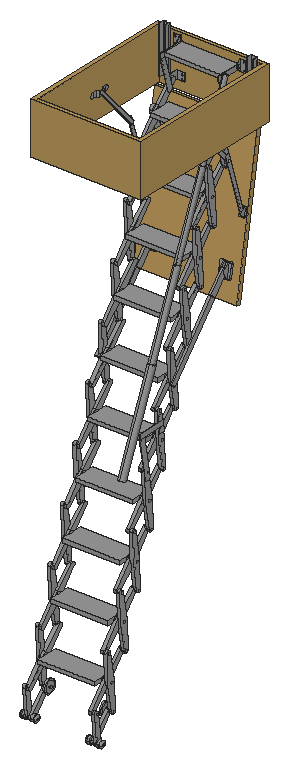
Revit family "schaartrap_Small+ 700x1000mm", category Generic Models, Revit 2019 (continued)
Forms (mm)
  Extrusion 73, solid, material "gietaluminium" <- "schaartrap"
    sketch origin (-183, -1396.865, -499.544) x (0, 1, 0) y (0, 0, 1)
      loop
        arc (2114.705, 2747.737) -> (2121.386, 2576.091) -> (2150.131, 2406.737) r 1330.136
        arc (2150.131, 2406.737) -> (2161.971, 2398.333) -> (2171.831, 2408.991) r 11
      loop
        arc (2269.418, 2703.14) -> (2262.737, 2874.786) -> (2233.991, 3044.139) r 1330.136
        arc (2233.991, 3044.139) -> (2222.151, 3052.543) -> (2212.292, 3041.885) r 11
        arc (2212.292, 3041.885) -> (2218.973, 2870.239) -> (2247.718, 2700.885) r 1330.136
        arc (2247.718, 2700.885) -> (2259.558, 2692.481) -> (2269.418, 2703.14) r 11
      loop
        arc (2367.005, 2997.288) -> (2360.324, 3168.934) -> (2331.578, 3338.288) r 1330.136
        arc (2331.578, 3338.288) -> (2319.738, 3346.692) -> (2309.879, 3336.034) r 11
        arc (2309.879, 3336.034) -> (2316.56, 3164.387) -> (2345.305, 2995.034) r 1330.136
        arc (2345.305, 2995.034) -> (2357.145, 2986.63) -> (2367.005, 2997.288) r 11
      loop
        arc (2464.568, 3291.311) -> (2463.922, 3378.908) -> (2457.512, 3466.272) r 1330.092
        arc (2457.512, 3466.272) -> (2432.411, 3483.092) -> (2414.085, 3459.068) r 22.051
        arc (2414.085, 3459.068) -> (2425.736, 3373.596) -> (2442.905, 3289.058) r 1330.146
        arc (2442.905, 3289.058) -> (2454.726, 3280.669) -> (2464.568, 3291.311) r 10.981
      loop
        arc (1453.503, 689.759) -> (1441.663, 699.325) -> (1431.602, 687.902) r 11
        line (1431.602, 687.902) -> (1445.382, 515.952)
        arc (1445.382, 515.952) -> (1461.726, 504.248) -> (1475.315, 519.062) r 15.158
        line (1475.315, 519.062) -> (1453.503, 689.759)
    from 386 to 406
  Extrusion 74, solid, material "gietaluminium" <- "schaartrap"
    sketch origin (-183, -1402.408, -482.845) x (0, 1, 0) y (0, 0, 1)
      loop
        circle (1448.134, 671.665) r 5.05
      loop
        circle (1563.341, 797.045) r 5.05
      loop
        circle (1580.539, 627.784) r 5
      loop
        circle (1545.738, 965.75) r 5.05
      loop
        circle (1660.945, 1091.13) r 5.05
      loop
        circle (1678.142, 921.869) r 5
      loop
        circle (1643.179, 1259.347) r 5.05
      loop
        circle (1758.386, 1384.727) r 5.05
      loop
        circle (1775.584, 1215.466) r 5
      loop
        circle (1740.934, 1553.888) r 5.05
      loop
        circle (1856.141, 1679.268) r 5.05
      loop
        circle (1873.338, 1510.007) r 5
      loop
        circle (1838.555, 1848.025) r 5.05
      loop
        circle (1953.762, 1973.405) r 5.05
      loop
        circle (1970.959, 1804.144) r 5
      loop
        circle (1936.264, 2142.428) r 5.05
      loop
        circle (2051.471, 2267.808) r 5.05
      loop
        circle (2068.668, 2098.547) r 5
      loop
        circle (2033.796, 2436.299) r 5.05
      loop
        circle (2149.003, 2561.679) r 5.05
      loop
        circle (2166.201, 2392.418) r 5
      loop
        circle (2131.46, 2730.565) r 5.05
      loop
        circle (2246.667, 2855.946) r 5.05
      loop
        circle (2263.864, 2686.684) r 5
      loop
        circle (2229.038, 3024.574) r 5.05
      loop
        circle (2344.245, 3149.954) r 5.05
      loop
        circle (2361.442, 2980.693) r 5
      loop
        circle (2326.648, 3318.679) r 5.05
      loop
        circle (2441.855, 3444.06) r 5.05
      loop
        circle (2459.053, 3274.798) r 5
    from 406 to 411
  Extrusion 75, solid, material "gietaluminium" <- "schaartrap"
    sketch origin (-190, -89.325, -2.094) x (0, 1, 0) y (0, 0, 1)
      loop
        arc (243.48, 115.163) -> (305.979, 135.606) -> (264.883, 186.941) r 40
        arc (264.883, 186.941) -> (229.315, 158.467) -> (243.48, 115.163) r 40
      loop
        arc (246.328, 116.796) -> (303.065, 136.334) -> (266.642, 184.023) r 37
        arc (266.642, 184.023) -> (232.229, 157.739) -> (246.328, 116.796) r 37
    from 359 to 370
  Extrusion 76, solid, material "gietaluminium" <- "schaartrap"
    sketch origin (0, -89.325, -2.094) x (0, 1, 0) y (0, 0, 1)
      loop
        arc (266.642, 184.023) -> (232.229, 157.739) -> (246.328, 116.796) r 37
        arc (246.328, 116.796) -> (303.065, 136.334) -> (266.642, 184.023) r 37
    from 173 to 176.5
  Extrusion 77, solid, material "gietaluminium" <- "schaartrap"
    sketch origin (518, -89.325, -2.094) x (0, 1, 0) y (0, 0, -1)
      loop
        circle (267.647, -147.037) r 5
    from 359 to 335
  Extrusion 78, solid, material "gietaluminium" <- "schaartrap"
    sketch origin (-23, -514.364, 927.567) x (0, -0.984808, 0.173648) y (0, -0.173648, -0.984808)
      loop
        line (-1280.093, -2639.824) -> (-1267.445, -2612.826)
        arc (-1267.445, -2612.826) -> (-1265.772, -2603.494) -> (-1270.029, -2595.023) r 15
        line (-1270.029, -2595.023) -> (-1291.822, -2573.307) -> (-1280.093, -2639.824)
    from 206 to 210
  Extrusion 79, solid, material "gietaluminium" <- "schaartrap"
    sketch origin (0, 56.03, 0) x (0, -1, 0) y (0, 0, 1)
      loop
        circle (-1138.556, 3274.338) r 5.05
    from -192 to -187
  Extrusion 80, solid, material "gietaluminium" <- "schaartrap"
    sketch origin (0, -88.383, 22.809) x (0, 0.999688, 0.024992) y (0, -0.024992, 0.999688)
      loop
        line (1083.223, 2061.386) -> (1060.804, 2081.32) -> (746.049, 1727.327) -> (768.469, 1707.392) -> (1083.223, 2061.386)
      loop
        circle (767.83, 1728.032) r 5.25
      loop
        circle (781.119, 1742.978) r 5.25
      loop
        circle (794.409, 1757.925) r 5.25
    from 223 to 238
  Extrusion 81, solid, material "gietaluminium" <- "schaartrap"
    sketch origin (0, -15.588, 118.208) x (0, 0.999688, 0.024992) y (0, -0.024992, 0.999688)
      loop
        line (1109.939, 2078.646) -> (1083.783, 2101.902) -> (983.779, 1989.432) -> (1009.935, 1966.175) -> (1109.939, 2078.646)
    from 223 to 238
  Extrusion 82, solid, material "gietaluminium" <- "schaartrap"
    sketch origin (0, 56.03, 0) x (0, 1, 0) y (0, 0, 1)
      loop
        line (985.709, 2267.866) -> (955.809, 2238.071) -> (954.311, 2236.332)
        arc (954.311, 2236.332) -> (951.468, 2228.913) -> (952.813, 2221.083) r 15
        line (952.813, 2221.083) -> (970.719, 2182.859) -> (985.709, 2267.866)
    from 238 to 246
  Extrusion 83, solid, material "gietaluminium" <- "schaartrap"
    sketch origin (-23, 56.03, 0) x (0, 1, 0) y (0, 0, 1)
      loop
        line (985.709, 2267.866) -> (955.809, 2238.071) -> (954.311, 2236.332)
        arc (954.311, 2236.332) -> (951.468, 2228.913) -> (952.813, 2221.083) r 15
        line (952.813, 2221.083) -> (970.719, 2182.859) -> (985.709, 2267.866)
    from 238 to 246
  Extrusion 84, solid, material "gietaluminium" <- "schaartrap"
    sketch origin (9.5, 143.97, 0) x (0, -1, 0) y (0, 0, 1)
      loop
        line (-918.514, 2553.066) -> (-806.697, 2916.034) -> (-825.811, 2921.922) -> (-936.482, 2562.673) -> (-918.514, 2553.066)
    from -294 to -290
  Extrusion 85, solid, material "gietaluminium" <- "schaartrap"
    sketch origin (9.5, 56.03, 0) x (0, -1, 0) y (0, 0, 1)
      loop
        line (-1008.012, 2553.899) -> (-1044.117, 2573.203) -> (-1033.698, 2514.114) -> (-1006.373, 2544.603)
        arc (-1006.373, 2544.603) -> (-1004.932, 2549.65) -> (-1008.012, 2553.899) r 6
      loop
        circle (-1018.719, 2547.218) r 4
    from -298 to -294
  Extrusion 86, solid
    sketch origin (9.5, 143.97, 0) x (0, -1, 0) y (0, 0, 1)
      loop
        circle (-826.853, 2884.573) r 4
    from -299 to -294
  Extrusion 87, solid, material "gietaluminium" <- "schaartrap"
    sketch origin (0, 798.744, -482.845) x (0, -1, 0) y (0, 0, -1)
      loop
        circle (-240.703, -3444.06) r 5.05
      loop
        circle (-143.093, -3149.954) r 5.05
      loop
        circle (-45.515, -2855.946) r 5.05
      loop
        circle (52.148, -2561.679) r 5.05
      loop
        circle (149.681, -2267.808) r 5.05
      loop
        circle (247.39, -1973.405) r 5.05
      loop
        circle (345.011, -1679.268) r 5.05
      loop
        circle (442.765, -1384.727) r 5.05
      loop
        circle (540.207, -1091.13) r 5.05
      loop
        circle (637.81, -797.045) r 5.05
    from 180 to 176.5
  Extrusion 88, solid, material "hout" <- "deksel"
    sketch origin (0, 143.97, 0) x (0, 1, 0) y (0, 0, 1)
      loop
        line (1057.928, 2991.895) -> (1034.293, 2996.062) -> (870.022, 2064.438) -> (893.657, 2060.271) -> (1057.928, 2991.895)
    from -317.5 to 317.5
  Sweep 89, solid, material "gietaluminium" <- "schaartrap"
    path origin (216.86, 90.653, 16.649) x (0, 0.999839, -0.017968) y (0, 0.017968, 0.999839)
      loop
        line (138.969, 1377.523) -> (358.716, 1926.151)
    profile origin (216.86, 369.137, 1663.748) x (0, -0.921473, 0.388442) y (1, 0, 0)
      loop
        circle (0, 0) r 20
  Sweep 90, solid, material "gietaluminium" <- "schaartrap"
    path origin (216.86, 320.222, 561.24) x (0, 0.999839, -0.017968) y (0, 0.017968, 0.999839)
      loop
        line (138.969, 1377.523) -> (326.789, 1846.441)
    profile origin (216.86, 582.029, 2168.777) x (0, -0.921473, 0.388442) y (1, 0, 0)
      loop
        circle (0, 0) r 17.5
  Sweep 91, solid, material "gietaluminium" <- "schaartrap"
    path origin (216.86, 516.437, 1026.707) x (0, 0.999839, -0.017968) y (0, 0.017968, 0.999839)
      loop
        line (138.969, 1377.523) -> (326.023, 1844.528)
    profile origin (216.86, 777.843, 2633.295) x (0, -0.921473, 0.388442) y (1, 0, 0)
      loop
        circle (0, 0) r 15
  Sweep 92, solid, material "gietaluminium" <- "schaartrap"
    path origin (216.86, 711.852, 1490.275) x (0, 0.999839, -0.017968) y (0, 0.017968, 0.999839)
      loop
        line (138.969, 1377.523) -> (311.867, 1809.184)
    profile origin (216.86, 965.863, 3079.321) x (0, -0.921473, 0.388442) y (1, 0, 0)
      loop
        circle (0, 0) r 12.5
  Extrusion 93, solid, material "gietaluminium" <- "schaartrap"
    sketch origin (0, 35.635, 20.541) x (0, 0.998602, -0.052851) y (0, 0.052851, 0.998602)
      loop
        line (257, 1578.327) -> (321.445, 1318.401)
        arc (321.445, 1318.401) -> (337.162, 1316.563) -> (350.833, 1324.53) r 25
        line (350.833, 1324.53) -> (286.119, 1585.546)
        arc (286.119, 1585.546) -> (270.356, 1586.789) -> (257, 1578.327) r 25
    from 228 to 223
  Extrusion 94, solid, material "gietaluminium" <- "schaartrap"
    sketch origin (0, 35.897, 20.055) x (0, 0.998602, -0.052851) y (0, 0.052851, 0.998602)
      loop
        line (427.314, 1610.964) -> (260.054, 1590.65)
        arc (260.054, 1590.65) -> (257.872, 1575.275) -> (263.671, 1560.869) r 30
        line (263.671, 1560.869) -> (428.945, 1580.942)
        arc (428.945, 1580.942) -> (432.162, 1596.172) -> (427.314, 1610.964) r 30
    from 228 to 233
  Extrusion 95, solid, material "gietaluminium" <- "schaartrap"
    sketch origin (0, 85.528, -2.096) x (0, 0.999839, -0.017968) y (0, 0.017968, 0.999839)
      loop
        arc (417.587, 1545.835) -> (432.962, 1543.654) -> (447.368, 1549.452) r 30
        line (447.368, 1549.452) -> (435.678, 1645.707)
        arc (435.678, 1645.707) -> (420.302, 1647.888) -> (405.896, 1642.09) r 30
        line (405.896, 1642.09) -> (417.587, 1545.835)
    from 223 to 228
  Extrusion 96, solid, material "gietaluminium" <- "schaartrap"
    sketch origin (0, 90.653, 9.149) x (0, 0.999839, -0.017968) y (0, 0.017968, 0.999839)
      loop
        line (280.038, 1590.328) -> (244.48, 1604.57) -> (233.326, 1576.721) -> (269.458, 1562.249)
        arc (269.458, 1562.249) -> (279.429, 1574.524) -> (280.038, 1590.328) r 25
    from 218 to 223
  Extrusion 97, solid, material "gietaluminium" <- "schaartrap"
    sketch origin (0, 1048.721, 2261.396) x (0, 0.173648, 0.984808) y (-1, 0, 0)
      loop
        arc (8.846, -205) -> (5.918, -197.929) -> (-1.154, -195) r 10
        line (-1.154, -195) -> (-74.992, -195)
        arc (-74.992, -195) -> (-82.063, -197.929) -> (-84.992, -205) r 10
        line (-84.992, -205) -> (-84.992, -256)
        arc (-84.992, -256) -> (-82.063, -263.071) -> (-74.992, -266) r 10
        line (-74.992, -266) -> (-1.154, -266)
        arc (-1.154, -266) -> (5.918, -263.071) -> (8.846, -256) r 10
        line (8.846, -256) -> (8.846, -205)
    from 0 to 8
  Extrusion 98, solid, material "gietaluminium" <- "schaartrap"
    sketch origin (0, 1048.721, 2261.396) x (0, 0.173648, 0.984808) y (-1, 0, 0)
      loop
        line (8.846, 205) -> (8.846, 256)
        arc (8.846, 256) -> (5.918, 263.071) -> (-1.154, 266) r 10
        line (-1.154, 266) -> (-74.992, 266)
        arc (-74.992, 266) -> (-82.063, 263.071) -> (-84.992, 256) r 10
        line (-84.992, 256) -> (-84.992, 205)
        arc (-84.992, 205) -> (-82.063, 197.929) -> (-74.992, 195) r 10
        line (-74.992, 195) -> (-1.154, 195)
        arc (-1.154, 195) -> (5.918, 197.929) -> (8.846, 205) r 10
    from 0 to 8
  Extrusion 99, solid, material "gietaluminium" <- "schaartrap"
    sketch origin (-9.5, 1087.583, 2481.795) x (0, 0.173648, 0.984808) y (-1, 0, 0)
      loop
        line (92.201, 263.5) -> (92.201, 298) -> (32.201, 298) -> (32.201, 263.5) -> (92.201, 263.5)
    from 0 to 3.5
  Extrusion 100, solid, material "gietaluminium" <- "schaartrap"
    sketch origin (9.5, 1087.583, 2481.795) x (0, 0.173648, 0.984808) y (-1, 0, 0)
      loop
        line (92.201, -263.5) -> (32.201, -263.5) -> (32.201, -298) -> (92.201, -298) -> (92.201, -263.5)
    from 0 to 3.5
  Extrusion 101, void
    sketch origin (0, 100, 0) x (0, 1, 0) y (0, 0, 1)
      loop
        circle (920.808, 2227.762) r 6
      loop
        circle (436.726, 1624.088) r 5.05
      loop
        circle (444.465, 1548.252) r 5.05
      loop
        circle (292.045, 1580.034) r 5.05
      loop
        arc (339.526, 1349.4) -> (334.891, 1352.58) -> (331.711, 1347.945) r 3.975
        line (331.711, 1347.945) -> (335.349, 1328.408)
        arc (335.349, 1328.408) -> (339.983, 1325.228) -> (343.163, 1329.863) r 3.975
        line (343.163, 1329.863) -> (339.526, 1349.4)
    from -437.405 to 250
  Extrusion 102, solid, material "gietaluminium" <- "schaartrap"
    sketch origin (-4822.485, -2269.646, 0) x (1, 0, 0) y (0, 1, 0)
      loop
        line (4529.985, 3475.327) -> (4529.985, 3447.331) -> (4531.985, 3447.331) -> (4531.985, 3475.327)
        arc (4531.985, 3475.327) -> (4532.278, 3476.035) -> (4532.986, 3476.329) r 1.001
        line (4532.986, 3476.329) -> (4566.985, 3476.329)
        arc (4566.985, 3476.329) -> (4567.692, 3476.036) -> (4567.985, 3475.329) r 1
        line (4567.985, 3475.329) -> (4567.985, 3447.331) -> (4569.985, 3447.331) -> (4569.985, 3475.329)
        arc (4569.985, 3475.329) -> (4569.106, 3477.45) -> (4566.985, 3478.329) r 3
        line (4566.985, 3478.329) -> (4532.986, 3478.329)
        arc (4532.986, 3478.329) -> (4530.864, 3477.45) -> (4529.985, 3475.327) r 3.001
    from 3050.001 to 3350.001
  Extrusion 103, void
    sketch origin (0, 143.97, 0) x (0, 1, 0) y (0, 0, 1)
      loop
        circle (1047.17, 3325.001) r 5.25
      loop
        circle (1047.17, 3305.001) r 5.25
      loop
        circle (1047.17, 3285.001) r 5.25
      loop
        circle (1047.17, 3265.001) r 5.25
      loop
        circle (1047.17, 3245.001) r 5.25
      loop
        circle (1047.17, 3225.001) r 5.25
      loop
        circle (1047.17, 3205.001) r 5.25
      loop
        circle (1047.17, 3185.001) r 5.25
      loop
        circle (1047.17, 3165.001) r 5.25
      loop
        circle (1047.17, 3145.001) r 5.25
      loop
        circle (1047.17, 3125.001) r 5.25
      loop
        circle (1047.17, 3105.001) r 5.25
      loop
        circle (1047.17, 3085.001) r 5.25
      loop
        circle (1047.17, 3065.001) r 5.25
      loop
        arc (1042.712, 3050.001) -> (1036.35, 3052.637) -> (1033.715, 3058.999) r 8.998
        line (1033.715, 3058.999) -> (1028.715, 3058.999) -> (1028.715, 3043.999) -> (1042.712, 3043.999) -> (1042.712, 3050.001)
    from -292.5 to -252.5
  Extrusion 104, solid, material "gietaluminium" <- "schaartrap"
    sketch origin (4822.485, -2269.646, 0) x (-1, 0, 0) y (0, -1, 0)
      loop
        arc (4529.985, -3475.327) -> (4530.864, -3477.45) -> (4532.986, -3478.329) r 3.001
        line (4532.986, -3478.329) -> (4566.985, -3478.329)
        arc (4566.985, -3478.329) -> (4569.106, -3477.45) -> (4569.985, -3475.329) r 3
        line (4569.985, -3475.329) -> (4569.985, -3447.331) -> (4567.985, -3447.331) -> (4567.985, -3475.329)
        arc (4567.985, -3475.329) -> (4567.692, -3476.036) -> (4566.985, -3476.329) r 1
        line (4566.985, -3476.329) -> (4532.986, -3476.329)
        arc (4532.986, -3476.329) -> (4532.278, -3476.035) -> (4531.985, -3475.327) r 1.001
        line (4531.985, -3475.327) -> (4531.985, -3447.331) -> (4529.985, -3447.331) -> (4529.985, -3475.327)
    from 3050.001 to 3350.001
  Extrusion 105, void
    sketch origin (0, 143.97, 0) x (0, 1, 0) y (0, 0, -1)
      loop
        circle (1047.17, -3325.001) r 5.25
      loop
        circle (1047.17, -3305.001) r 5.25
      loop
        circle (1047.17, -3285.001) r 5.25
      loop
        circle (1047.17, -3265.001) r 5.25
      loop
        circle (1047.17, -3245.001) r 5.25
      loop
        circle (1047.17, -3225.001) r 5.25
      loop
        circle (1047.17, -3205.001) r 5.25
      loop
        circle (1047.17, -3185.001) r 5.25
      loop
        circle (1047.17, -3165.001) r 5.25
      loop
        circle (1047.17, -3145.001) r 5.25
      loop
        circle (1047.17, -3125.001) r 5.25
      loop
        circle (1047.17, -3105.001) r 5.25
      loop
        circle (1047.17, -3085.001) r 5.25
      loop
        circle (1047.17, -3065.001) r 5.25
      loop
        line (1042.712, -3050.001) -> (1042.712, -3043.999) -> (1028.715, -3043.999) -> (1028.715, -3058.999) -> (1033.715, -3058.999)
        arc (1033.715, -3058.999) -> (1036.35, -3052.637) -> (1042.712, -3050.001) r 8.998
    from -292.5 to -252.5
  Extrusion 106, solid, material "gietaluminium" <- "schaartrap"
    sketch origin (16, 43.97, -15) x (1, 0, 0) y (0, 1, 0)
      loop
        line (-174, 1164.712) -> (-223, 1164.712) -> (-223, 1094.712) -> (-219, 1094.712) -> (-219, 1160.712) -> (-174, 1160.712) -> (-174, 1164.712)
    from 3070.001 to 3120.001
  Extrusion 107, void
    sketch origin (0, 142.095, -16.25) x (0, 1, 0) y (0, 0, 1)
      loop
        circle (1012.7, 3103.203) r 5.05
    from -228 to 250
  Extrusion 108, solid, material "gietaluminium" <- "schaartrap"
    sketch origin (-16, 43.97, -15) x (-1, 0, 0) y (0, -1, 0)
      loop
        line (-174, -1164.712) -> (-174, -1160.712) -> (-219, -1160.712) -> (-219, -1094.712) -> (-223, -1094.712) -> (-223, -1164.712) -> (-174, -1164.712)
    from 3070.001 to 3120.001
Cuts and joins
  Extrusion 34 cuts Sweep 30
  Extrusion 34 cuts Extrusion 33
  Extrusion 34 cuts Extrusion 38
  Extrusion 37 cuts Extrusion 35
  Extrusion 37 cuts Extrusion 40
  Extrusion 50, Extrusion 53 cuts Extrusion 48
  Extrusion 50, Extrusion 53 cuts Extrusion 49
  Extrusion 53 cuts Extrusion 51
  Extrusion 53 cuts Extrusion 52
  Extrusion 101 cuts Extrusion 94
  Extrusion 101 cuts Extrusion 95
  Extrusion 101 cuts Extrusion 96
  Extrusion 103 cuts Extrusion 102
  Extrusion 105 cuts Extrusion 104
  Extrusion 41, Extrusion 107 cuts Extrusion 106
  Extrusion 42, Extrusion 107 cuts Extrusion 108
Lines and regions (mm)
  symbolic lines, style "GenericModel"
    curve 1: line (0, 43.97, 0) -> (0, 458.384, 0)
  model lines, style "schaartrap stippel", visible <- "bovenliggende treden"
    curve 2: line (-176.5, 458.384, 0) -> (-176.5, 1232.682, 0)
    curve 3: line (176.5, 458.384, 0) -> (176.5, 1232.682, 0)
    curve 4: line (-176.5, 1205.685, 0) -> (176.5, 1205.685, 0)
    curve 5: line (-176.5, 971.761, 0) -> (176.5, 971.761, 0)
    curve 6: line (-176.5, 874.006, 0) -> (176.5, 874.006, 0)
    curve 7: line (-176.5, 776.252, 0) -> (176.5, 776.252, 0)
    curve 8: line (-176.5, 678.497, 0) -> (176.5, 678.497, 0)
    curve 9: line (-176.5, 580.742, 0) -> (176.5, 580.742, 0)
    curve 10: line (-176.5, 506.327, 0) -> (176.5, 506.327, 0)
    curve 11: line (0, 458.384, 0) -> (0, 1187.682, 0)
    curve 12: line (0, 1232.682, 0) -> (25.981, 1187.682, 0)
    curve 13: line (25.981, 1187.682, 0) -> (0, 1187.682, 0)
    curve 14: line (0, 1232.682, 0) -> (-25.981, 1187.682, 0)
    curve 15: line (-25.981, 1187.682, 0) -> (0, 1187.682, 0)
    curve 16: line (-176.5, 413.856, 0) -> (176.5, 413.856, 0)
  model lines, style "schaartrap stippel"
    curve 17: line (342.5, 242.682, 0) -> (-342.5, 242.682, 0)
    curve 18: line (342.5, 1232.682, 0) -> (342.5, 242.682, 0)
    curve 19: line (-342.5, 1232.682, 0) -> (342.5, 1232.682, 0)
    curve 20: line (-342.5, 242.682, 0) -> (-342.5, 1232.682, 0)
  model lines
    curve 21: line (0, 38.864, 316.461) -> (0, 1197.481, 4022.485)
    curve 22: line (0, 1232.682, 4135.084) -> (17.028, 1197.481, 4022.485)
    curve 23: line (17.028, 1197.481, 4022.485) -> (0, 1197.481, 4022.485)
    curve 24: line (-17.028, 1197.481, 4022.485) -> (0, 1197.481, 4022.485)
    curve 25: line (0, 1232.682, 4135.084) -> (-17.028, 1197.481, 4022.485)
Dimensions and locks
  equal spacing: plane 4, plane 3 "Center (Left/Right)", plane 5
  locked: plane 4 to plane 5 at 366
  plane 5 to plane 8 to plane 9 = 20 mm locked, 20 mm locked
  plane 10 to plane 7 to plane 6 to plane 4 = 30 mm locked, 20 mm locked, 20 mm locked
  equal spacing: plane 12, plane 3 "Center (Left/Right)", plane 11
  locked: plane 12 to plane 11 at 685
  locked: plane 11 to plane 13 at 25
  locked: plane 12 to plane 14 at 25
  plane 15 to plane 4 = 4 mm
  locked: plane 16 "bk. omtimmering" to plane 17 at 320
  plane 21 to plane 22 to plane 20 = 15 mm, 15 mm
  locked: plane 25 to plane 16 "bk. omtimmering" at 30
  plane 28 to plane 27 to plane 26 to plane 17 = 50 mm locked, 20 mm, 50 mm locked
  locked: plane 18 to plane 32 at 200
  aligned and locked: level to plane 2
  aligned and locked: plane 18 to Sweep 30 sketch curve
  aligned and locked: plane 19 to Extrusion 31
  aligned and locked: plane 21 to Extrusion 33
  aligned and locked: Extrusion 33 to plane 20
  aligned and locked: Sweep 30 sketch curve to plane 31
  aligned and locked: Extrusion 56 to Extrusion 55
  aligned and locked: Extrusion 73 to Extrusion 74
Automatic sketch dimensions
  Extrusion 4 sketch curve to Extrusion 4 sketch curve = 0 mm  (x12)
  Extrusion 4 sketch curve to Extrusion 4 sketch curve = 1.005 mm
  Extrusion 4 sketch curve to Extrusion 4 sketch curve = 1.759 mm
  Extrusion 4 sketch curve to Extrusion 4 sketch curve = 21.32 mm
  Extrusion 4 sketch curve to Extrusion 4 sketch curve = 2.848 mm
  Extrusion 4 sketch curve to Extrusion 4 sketch curve = 30.24 mm
  Extrusion 4 sketch curve to Extrusion 4 sketch curve = 1.633 mm
  Extrusion 5 sketch curve to Extrusion 5 sketch curve = 0 mm  (x2)
  Extrusion 5 sketch curve to Extrusion 5 sketch curve = 1.005 mm
  Extrusion 5 sketch curve to Extrusion 5 sketch curve = 21.32 mm
  Extrusion 5 sketch curve to Extrusion 5 sketch curve = 30.24 mm
  Sweep 7 sketch curve to profile plane = 0 mm  (x2)
  Sweep 8 sketch curve to profile plane = 0 mm  (x2)
  Sweep 9 sketch curve to profile plane = 0 mm  (x2)
  Sweep 10 sketch curve to profile plane = 0 mm  (x2)
  Extrusion 13 sketch curve to Extrusion 13 sketch curve = 5.425 mm
  Extrusion 13 sketch curve to Extrusion 13 sketch curve = 11.758 mm  (x2)
  Extrusion 13 sketch curve to Extrusion 13 sketch curve = 18.023 mm  (x2)
  Extrusion 13 sketch curve to Extrusion 13 sketch curve = 23.983 mm  (x2)
  Extrusion 13 sketch curve to Extrusion 13 sketch curve = 44.672 mm
  Sweep 7 sketch curve to Sweep 7 sketch curve = 219.747 mm
  Sweep 7 sketch curve to Sweep 7 sketch curve = 548.628 mm
  Sweep 8 sketch curve to Sweep 8 sketch curve = 187.82 mm
  Sweep 8 sketch curve to Sweep 8 sketch curve = 468.918 mm
  Sweep 9 sketch curve to Sweep 9 sketch curve = 187.053 mm
  Sweep 9 sketch curve to Sweep 9 sketch curve = 467.005 mm
  Sweep 10 sketch curve to Sweep 10 sketch curve = 172.897 mm
  Sweep 10 sketch curve to Sweep 10 sketch curve = 431.661 mm
  Extrusion 15 sketch curve to Extrusion 15 sketch curve = 0.532 mm
  Extrusion 15 sketch curve to Extrusion 15 sketch curve = 11.197 mm
  Extrusion 15 sketch curve to Extrusion 15 sketch curve = 21.044 mm
  Extrusion 15 sketch curve to Extrusion 15 sketch curve = 11.25 mm
  Extrusion 15 sketch curve to Extrusion 15 sketch curve = 27.86 mm
  Extrusion 16 sketch curve to Extrusion 16 sketch curve = 0 mm  (x4)
  Extrusion 15 sketch curve to Extrusion 15 sketch curve = 9.922 mm
  Extrusion 57 sketch curve to Extrusion 57 sketch curve = 0 mm  (x12)
  Extrusion 57 sketch curve to Extrusion 57 sketch curve = 1.005 mm
  Extrusion 57 sketch curve to Extrusion 57 sketch curve = 1.759 mm
  Extrusion 57 sketch curve to Extrusion 57 sketch curve = 21.32 mm
  Extrusion 57 sketch curve to Extrusion 57 sketch curve = 2.848 mm
  Extrusion 57 sketch curve to Extrusion 57 sketch curve = 30.24 mm
  Extrusion 57 sketch curve to Extrusion 57 sketch curve = 1.633 mm
  Extrusion 58 sketch curve to Extrusion 58 sketch curve = 0 mm  (x2)
  Extrusion 58 sketch curve to Extrusion 58 sketch curve = 1.005 mm
  Extrusion 58 sketch curve to Extrusion 58 sketch curve = 21.32 mm
  Extrusion 58 sketch curve to Extrusion 58 sketch curve = 30.24 mm
  Extrusion 59 sketch curve to Extrusion 59 sketch curve = 0 mm  (x2)
  Extrusion 59 sketch curve to Extrusion 59 sketch curve = 5 mm
  Extrusion 60 sketch curve to Extrusion 60 sketch curve = 3.661 mm
  Extrusion 61 sketch curve to Extrusion 61 sketch curve = 5.05 mm
  Extrusion 61 sketch curve to Extrusion 61 sketch curve = 0 mm  (x4)
  Extrusion 60 sketch curve to Extrusion 60 sketch curve = 0.532 mm
  Extrusion 60 sketch curve to Extrusion 60 sketch curve = 11.197 mm
  Extrusion 60 sketch curve to Extrusion 60 sketch curve = 21.044 mm
  Extrusion 60 sketch curve to Extrusion 60 sketch curve = 11.25 mm
  Extrusion 60 sketch curve to Extrusion 60 sketch curve = 27.86 mm
  Extrusion 64 sketch curve to Extrusion 64 sketch curve = 1.498 mm
  Extrusion 64 sketch curve to Extrusion 64 sketch curve = 1.497 mm
  Extrusion 64 sketch curve to Extrusion 64 sketch curve = 13.583 mm
  Extrusion 64 sketch curve to Extrusion 64 sketch curve = 17.907 mm
  Extrusion 64 sketch curve to Extrusion 64 sketch curve = 29.9 mm
  Extrusion 64 sketch curve to Extrusion 64 sketch curve = 38.224 mm
  Extrusion 64 sketch curve to Extrusion 64 sketch curve = 6.363 mm
  Extrusion 64 sketch curve to Extrusion 64 sketch curve = 1.74 mm
  Extrusion 64 sketch curve to Extrusion 64 sketch curve = 29.794 mm
  Extrusion 65 sketch curve to Extrusion 65 sketch curve = 1.498 mm
  Extrusion 65 sketch curve to Extrusion 65 sketch curve = 1.497 mm
  Extrusion 65 sketch curve to Extrusion 65 sketch curve = 13.583 mm
  Extrusion 65 sketch curve to Extrusion 65 sketch curve = 17.907 mm
  Extrusion 65 sketch curve to Extrusion 65 sketch curve = 29.9 mm
  Extrusion 65 sketch curve to Extrusion 65 sketch curve = 38.224 mm
  Extrusion 65 sketch curve to Extrusion 65 sketch curve = 6.363 mm
  Extrusion 65 sketch curve to Extrusion 65 sketch curve = 1.74 mm
  Extrusion 65 sketch curve to Extrusion 65 sketch curve = 29.794 mm
  Extrusion 66 sketch curve to Extrusion 66 sketch curve = 19.114 mm
  Extrusion 66 sketch curve to Extrusion 66 sketch curve = 17.968 mm
  Extrusion 66 sketch curve to Extrusion 66 sketch curve = 5.888 mm
  Extrusion 67 sketch curve to Extrusion 67 sketch curve = 1.639 mm
  Extrusion 67 sketch curve to Extrusion 67 sketch curve = 2.829 mm
  Extrusion 67 sketch curve to Extrusion 67 sketch curve = 7.878 mm
  Extrusion 67 sketch curve to Extrusion 67 sketch curve = 14.979 mm
  Extrusion 67 sketch curve to Extrusion 67 sketch curve = 25.398 mm
  Extrusion 67 sketch curve to Extrusion 67 sketch curve = 30.489 mm
  Extrusion 67 sketch curve to Extrusion 67 sketch curve = 2.615 mm
  Extrusion 67 sketch curve to Extrusion 67 sketch curve = 4.005 mm
  Extrusion 67 sketch curve to Extrusion 67 sketch curve = 25.984 mm
  Extrusion 60 sketch curve to Extrusion 60 sketch curve = 9.922 mm
  Extrusion 66 sketch curve to Extrusion 66 sketch curve = 111.817 mm
  Extrusion 75 sketch curve to Extrusion 75 sketch curve = 0 mm  (x12)
  Extrusion 75 sketch curve to Extrusion 75 sketch curve = 1.005 mm
  Extrusion 75 sketch curve to Extrusion 75 sketch curve = 1.759 mm
  Extrusion 75 sketch curve to Extrusion 75 sketch curve = 21.32 mm
  Extrusion 75 sketch curve to Extrusion 75 sketch curve = 2.848 mm
  Extrusion 75 sketch curve to Extrusion 75 sketch curve = 30.24 mm
  Extrusion 75 sketch curve to Extrusion 75 sketch curve = 1.633 mm
  Extrusion 76 sketch curve to Extrusion 76 sketch curve = 0 mm  (x2)
  Extrusion 76 sketch curve to Extrusion 76 sketch curve = 1.005 mm
  Extrusion 76 sketch curve to Extrusion 76 sketch curve = 21.32 mm
  Extrusion 76 sketch curve to Extrusion 76 sketch curve = 30.24 mm
  Extrusion 77 sketch curve to Extrusion 77 sketch curve = 0 mm  (x2)
  Extrusion 77 sketch curve to Extrusion 77 sketch curve = 5 mm
  Extrusion 78 sketch curve to Extrusion 78 sketch curve = 2.583 mm
  Extrusion 79 sketch curve to Extrusion 79 sketch curve = 5.05 mm
  Extrusion 79 sketch curve to Extrusion 79 sketch curve = 0 mm  (x4)
  Extrusion 78 sketch curve to Extrusion 78 sketch curve = 11.205 mm
  Extrusion 78 sketch curve to Extrusion 78 sketch curve = 0.523 mm
  Extrusion 78 sketch curve to Extrusion 78 sketch curve = 26.998 mm
  Extrusion 78 sketch curve to Extrusion 78 sketch curve = 7.178 mm
  Extrusion 78 sketch curve to Extrusion 78 sketch curve = 21.716 mm
  Extrusion 82 sketch curve to Extrusion 82 sketch curve = 1.498 mm
  Extrusion 82 sketch curve to Extrusion 82 sketch curve = 1.497 mm
  Extrusion 82 sketch curve to Extrusion 82 sketch curve = 13.583 mm
  Extrusion 82 sketch curve to Extrusion 82 sketch curve = 17.907 mm
  Extrusion 82 sketch curve to Extrusion 82 sketch curve = 29.9 mm
  Extrusion 82 sketch curve to Extrusion 82 sketch curve = 38.224 mm
  Extrusion 82 sketch curve to Extrusion 82 sketch curve = 6.363 mm
  Extrusion 82 sketch curve to Extrusion 82 sketch curve = 1.74 mm
  Extrusion 82 sketch curve to Extrusion 82 sketch curve = 29.794 mm
  Extrusion 83 sketch curve to Extrusion 83 sketch curve = 1.498 mm
  Extrusion 83 sketch curve to Extrusion 83 sketch curve = 1.497 mm
  Extrusion 83 sketch curve to Extrusion 83 sketch curve = 13.583 mm
  Extrusion 83 sketch curve to Extrusion 83 sketch curve = 17.907 mm
  Extrusion 83 sketch curve to Extrusion 83 sketch curve = 29.9 mm
  Extrusion 83 sketch curve to Extrusion 83 sketch curve = 38.224 mm
  Extrusion 83 sketch curve to Extrusion 83 sketch curve = 6.363 mm
  Extrusion 83 sketch curve to Extrusion 83 sketch curve = 1.74 mm
  Extrusion 83 sketch curve to Extrusion 83 sketch curve = 29.794 mm
  Extrusion 78 sketch curve to Extrusion 78 sketch curve = 13.171 mm
  Extrusion 84 sketch curve to Extrusion 84 sketch curve = 19.114 mm
  Extrusion 84 sketch curve to Extrusion 84 sketch curve = 17.968 mm
  Extrusion 84 sketch curve to Extrusion 84 sketch curve = 5.888 mm
  Extrusion 85 sketch curve to Extrusion 85 sketch curve = 1.639 mm
  Extrusion 85 sketch curve to Extrusion 85 sketch curve = 2.829 mm
  Extrusion 85 sketch curve to Extrusion 85 sketch curve = 7.878 mm
  Extrusion 85 sketch curve to Extrusion 85 sketch curve = 14.979 mm
  Extrusion 85 sketch curve to Extrusion 85 sketch curve = 25.398 mm
  Extrusion 85 sketch curve to Extrusion 85 sketch curve = 30.489 mm
  Extrusion 85 sketch curve to Extrusion 85 sketch curve = 2.615 mm
  Extrusion 85 sketch curve to Extrusion 85 sketch curve = 4.005 mm
  Extrusion 85 sketch curve to Extrusion 85 sketch curve = 25.984 mm
  Extrusion 84 sketch curve to Extrusion 84 sketch curve = 111.817 mm
  Sweep 89 sketch curve to profile plane = 0 mm  (x2)
  Sweep 90 sketch curve to profile plane = 0 mm  (x2)
  Sweep 91 sketch curve to profile plane = 0 mm  (x2)
  Sweep 92 sketch curve to profile plane = 0 mm  (x2)
  Extrusion 95 sketch curve to Extrusion 95 sketch curve = 5.425 mm
  Extrusion 95 sketch curve to Extrusion 95 sketch curve = 11.758 mm  (x2)
  Extrusion 95 sketch curve to Extrusion 95 sketch curve = 18.023 mm  (x2)
  Extrusion 95 sketch curve to Extrusion 95 sketch curve = 23.983 mm  (x2)
  Extrusion 95 sketch curve to Extrusion 95 sketch curve = 44.672 mm
  Sweep 89 sketch curve to Sweep 89 sketch curve = 219.747 mm
  Sweep 89 sketch curve to Sweep 89 sketch curve = 548.628 mm
  Sweep 90 sketch curve to Sweep 90 sketch curve = 187.82 mm
  Sweep 90 sketch curve to Sweep 90 sketch curve = 468.918 mm
  Sweep 91 sketch curve to Sweep 91 sketch curve = 187.053 mm
  Sweep 91 sketch curve to Sweep 91 sketch curve = 467.005 mm
  Sweep 92 sketch curve to Sweep 92 sketch curve = 172.897 mm
  Sweep 92 sketch curve to Sweep 92 sketch curve = 431.661 mm
  Extrusion 96 sketch curve to Extrusion 96 sketch curve = 13.423 mm
  Extrusion 96 sketch curve to Extrusion 96 sketch curve = 11.554 mm
  Extrusion 96 sketch curve to Extrusion 96 sketch curve = 22.709 mm
  Extrusion 96 sketch curve to Extrusion 96 sketch curve = 6.618 mm
  Extrusion 96 sketch curve to Extrusion 96 sketch curve = 21.231 mm
  Extrusion 54 sketch curve to Extrusion 54 sketch curve = 0 mm  (x50)
  Extrusion 54 sketch curve to Extrusion 54 sketch curve = 97.621 mm  (x27)
  Extrusion 54 sketch curve to Extrusion 54 sketch curve = 847.047 mm
  Extrusion 54 sketch curve to Extrusion 54 sketch curve = 132.775 mm  (x9)
  Extrusion 54 sketch curve to Extrusion 54 sketch curve = 89.186 mm
  Extrusion 54 sketch curve to Extrusion 54 sketch curve = 8.435 mm
  Extrusion 54 sketch curve to Extrusion 54 sketch curve = 7.64 mm
  Extrusion 54 sketch curve to Extrusion 54 sketch curve = 1077.38 mm
  Extrusion 54 sketch curve to Extrusion 54 sketch curve = 113.146 mm
  Extrusion 54 sketch curve to Extrusion 54 sketch curve = 10.455 mm
  Extrusion 54 sketch curve to Extrusion 54 sketch curve = 11.648 mm
  Extrusion 54 sketch curve to Extrusion 54 sketch curve = 125.135 mm
  Extrusion 54 sketch curve to Extrusion 54 sketch curve = 294.137 mm  (x27)
  Extrusion 54 sketch curve to Extrusion 54 sketch curve = 287.108 mm
  Extrusion 54 sketch curve to Extrusion 54 sketch curve = 10.827 mm
  Extrusion 54 sketch curve to Extrusion 54 sketch curve = 117.983 mm
  Extrusion 54 sketch curve to Extrusion 54 sketch curve = 7.064 mm
  Extrusion 54 sketch curve to Extrusion 54 sketch curve = 36.026 mm
  Extrusion 54 sketch curve to Extrusion 54 sketch curve = 286.22 mm
  Extrusion 54 sketch curve to Extrusion 54 sketch curve = 43.943 mm  (x9)
  Extrusion 54 sketch curve to Extrusion 54 sketch curve = 423.082 mm
  Extrusion 54 sketch curve to Extrusion 54 sketch curve = 8.986 mm  (x10)
  Extrusion 54 sketch curve to Extrusion 54 sketch curve = 7.284 mm  (x10)
  Extrusion 54 sketch curve to Extrusion 54 sketch curve = 6.674 mm  (x9)
  Extrusion 54 sketch curve to Extrusion 54 sketch curve = 5.434 mm  (x10)
  Extrusion 54 sketch curve to Extrusion 54 sketch curve = 6.239 mm  (x10)
  Extrusion 54 sketch curve to Extrusion 54 sketch curve = 6.318 mm
  Extrusion 55 sketch curve to Extrusion 55 sketch curve = 97.593 mm
  Extrusion 55 sketch curve to Extrusion 55 sketch curve = 97.587 mm  (x21)
  Extrusion 55 sketch curve to Extrusion 55 sketch curve = 97.588 mm  (x3)
  Extrusion 55 sketch curve to Extrusion 55 sketch curve = 1088.398 mm
  Extrusion 55 sketch curve to Extrusion 55 sketch curve = 17.571 mm
  Extrusion 55 sketch curve to Extrusion 55 sketch curve = 97.582 mm
  Extrusion 55 sketch curve to Extrusion 55 sketch curve = 132.715 mm
  Extrusion 55 sketch curve to Extrusion 55 sketch curve = 132.72 mm  (x8)
  Extrusion 55 sketch curve to Extrusion 55 sketch curve = 132.721 mm
  Extrusion 55 sketch curve to Extrusion 55 sketch curve = 99.997 mm
  Extrusion 55 sketch curve to Extrusion 55 sketch curve = 15.155 mm
  Extrusion 55 sketch curve to Extrusion 55 sketch curve = 14.778 mm
  Extrusion 55 sketch curve to Extrusion 55 sketch curve = 10.99 mm
  Extrusion 55 sketch curve to Extrusion 55 sketch curve = 1088.378 mm
  Extrusion 55 sketch curve to Extrusion 55 sketch curve = 97.602 mm
  Extrusion 55 sketch curve to Extrusion 55 sketch curve = 3.11 mm
  Extrusion 55 sketch curve to Extrusion 55 sketch curve = 125.271 mm
  Extrusion 55 sketch curve to Extrusion 55 sketch curve = 162.296 mm
  Extrusion 55 sketch curve to Extrusion 55 sketch curve = 43.569 mm
  Extrusion 55 sketch curve to Extrusion 55 sketch curve = 0.462 mm
  Extrusion 55 sketch curve to Extrusion 55 sketch curve = 294.198 mm  (x3)
  Extrusion 55 sketch curve to Extrusion 55 sketch curve = 10.066 mm
  Extrusion 55 sketch curve to Extrusion 55 sketch curve = 43.981 mm
  Extrusion 55 sketch curve to Extrusion 55 sketch curve = 294.148 mm  (x21)
  Extrusion 55 sketch curve to Extrusion 55 sketch curve = 44.031 mm  (x7)
  Extrusion 55 sketch curve to Extrusion 55 sketch curve = 294.021 mm
  Extrusion 55 sketch curve to Extrusion 55 sketch curve = 293.822 mm
  Extrusion 55 sketch curve to Extrusion 55 sketch curve = 44.159 mm
  Extrusion 55 sketch curve to Extrusion 55 sketch curve = 125.587 mm
  Extrusion 55 sketch curve to Extrusion 55 sketch curve = 294.095 mm
  Extrusion 55 sketch curve to Extrusion 55 sketch curve = 10.978 mm
  Extrusion 55 sketch curve to Extrusion 55 sketch curve = 0 mm  (x29)
  Extrusion 55 sketch curve to Extrusion 55 sketch curve = 21.492 mm
  Extrusion 55 sketch curve to Extrusion 55 sketch curve = 21.934 mm
  Extrusion 55 sketch curve to Extrusion 55 sketch curve = 0.003 mm
  Extrusion 55 sketch curve to Extrusion 55 sketch curve = 10.996 mm  (x9)
  Extrusion 55 sketch curve to Extrusion 55 sketch curve = 10.915 mm
  Extrusion 55 sketch curve to Extrusion 55 sketch curve = 0.004 mm
  Extrusion 55 sketch curve to Extrusion 55 sketch curve = 0.001 mm
  Extrusion 1 sketch curve to Extrusion 1 sketch curve = 0 mm  (x50)
  Extrusion 1 sketch curve to Extrusion 1 sketch curve = 97.621 mm  (x27)
  Extrusion 1 sketch curve to Extrusion 1 sketch curve = 847.047 mm
  Extrusion 1 sketch curve to Extrusion 1 sketch curve = 132.775 mm  (x9)
  Extrusion 1 sketch curve to Extrusion 1 sketch curve = 89.186 mm
  Extrusion 1 sketch curve to Extrusion 1 sketch curve = 8.435 mm
  Extrusion 1 sketch curve to Extrusion 1 sketch curve = 7.64 mm
  Extrusion 1 sketch curve to Extrusion 1 sketch curve = 1077.38 mm
  Extrusion 1 sketch curve to Extrusion 1 sketch curve = 113.146 mm
  Extrusion 1 sketch curve to Extrusion 1 sketch curve = 10.455 mm
  Extrusion 1 sketch curve to Extrusion 1 sketch curve = 11.648 mm
  Extrusion 1 sketch curve to Extrusion 1 sketch curve = 125.135 mm
  Extrusion 1 sketch curve to Extrusion 1 sketch curve = 294.137 mm  (x27)
  Extrusion 1 sketch curve to Extrusion 1 sketch curve = 287.108 mm
  Extrusion 1 sketch curve to Extrusion 1 sketch curve = 10.827 mm
  Extrusion 1 sketch curve to Extrusion 1 sketch curve = 117.983 mm
  Extrusion 1 sketch curve to Extrusion 1 sketch curve = 7.064 mm
  Extrusion 1 sketch curve to Extrusion 1 sketch curve = 36.026 mm
  Extrusion 1 sketch curve to Extrusion 1 sketch curve = 286.22 mm
  Extrusion 1 sketch curve to Extrusion 1 sketch curve = 43.943 mm  (x9)
  Extrusion 1 sketch curve to Extrusion 1 sketch curve = 423.082 mm
  Extrusion 1 sketch curve to Extrusion 1 sketch curve = 8.986 mm  (x10)
  Extrusion 1 sketch curve to Extrusion 1 sketch curve = 7.284 mm  (x10)
  Extrusion 1 sketch curve to Extrusion 1 sketch curve = 6.674 mm  (x9)
  Extrusion 1 sketch curve to Extrusion 1 sketch curve = 5.434 mm  (x10)
  Extrusion 1 sketch curve to Extrusion 1 sketch curve = 6.239 mm  (x10)
  Extrusion 1 sketch curve to Extrusion 1 sketch curve = 6.318 mm
  Extrusion 2 sketch curve to Extrusion 2 sketch curve = 97.593 mm
  Extrusion 2 sketch curve to Extrusion 2 sketch curve = 97.587 mm  (x21)
  Extrusion 2 sketch curve to Extrusion 2 sketch curve = 97.588 mm  (x3)
  Extrusion 2 sketch curve to Extrusion 2 sketch curve = 1088.398 mm
  Extrusion 2 sketch curve to Extrusion 2 sketch curve = 17.571 mm
  Extrusion 2 sketch curve to Extrusion 2 sketch curve = 97.582 mm
  Extrusion 2 sketch curve to Extrusion 2 sketch curve = 132.715 mm
  Extrusion 2 sketch curve to Extrusion 2 sketch curve = 132.72 mm  (x8)
  Extrusion 2 sketch curve to Extrusion 2 sketch curve = 132.721 mm
  Extrusion 2 sketch curve to Extrusion 2 sketch curve = 99.997 mm
  Extrusion 2 sketch curve to Extrusion 2 sketch curve = 15.155 mm
  Extrusion 2 sketch curve to Extrusion 2 sketch curve = 14.778 mm
  Extrusion 2 sketch curve to Extrusion 2 sketch curve = 10.99 mm
  Extrusion 2 sketch curve to Extrusion 2 sketch curve = 1088.378 mm
  Extrusion 2 sketch curve to Extrusion 2 sketch curve = 97.602 mm
  Extrusion 2 sketch curve to Extrusion 2 sketch curve = 3.11 mm
  Extrusion 2 sketch curve to Extrusion 2 sketch curve = 125.271 mm
  Extrusion 2 sketch curve to Extrusion 2 sketch curve = 162.296 mm
  Extrusion 2 sketch curve to Extrusion 2 sketch curve = 43.569 mm
  Extrusion 2 sketch curve to Extrusion 2 sketch curve = 0.462 mm
  Extrusion 2 sketch curve to Extrusion 2 sketch curve = 294.198 mm  (x3)
  Extrusion 2 sketch curve to Extrusion 2 sketch curve = 10.066 mm
  Extrusion 2 sketch curve to Extrusion 2 sketch curve = 43.981 mm
  Extrusion 2 sketch curve to Extrusion 2 sketch curve = 294.148 mm  (x21)
  Extrusion 2 sketch curve to Extrusion 2 sketch curve = 44.031 mm  (x7)
  Extrusion 2 sketch curve to Extrusion 2 sketch curve = 294.021 mm
  Extrusion 2 sketch curve to Extrusion 2 sketch curve = 293.822 mm
  Extrusion 2 sketch curve to Extrusion 2 sketch curve = 44.159 mm
  Extrusion 2 sketch curve to Extrusion 2 sketch curve = 125.587 mm
  Extrusion 2 sketch curve to Extrusion 2 sketch curve = 294.095 mm
  Extrusion 2 sketch curve to Extrusion 2 sketch curve = 10.978 mm
  Extrusion 2 sketch curve to Extrusion 2 sketch curve = 0 mm  (x29)
  Extrusion 2 sketch curve to Extrusion 2 sketch curve = 21.492 mm
  Extrusion 2 sketch curve to Extrusion 2 sketch curve = 21.934 mm
  Extrusion 2 sketch curve to Extrusion 2 sketch curve = 0.003 mm
  Extrusion 2 sketch curve to Extrusion 2 sketch curve = 10.996 mm  (x9)
  Extrusion 2 sketch curve to Extrusion 2 sketch curve = 10.915 mm
  Extrusion 2 sketch curve to Extrusion 2 sketch curve = 0.004 mm
  Extrusion 2 sketch curve to Extrusion 2 sketch curve = 0.001 mm
  Extrusion 72 sketch curve to Extrusion 72 sketch curve = 0 mm  (x50)
  Extrusion 72 sketch curve to Extrusion 72 sketch curve = 97.621 mm  (x27)
  Extrusion 72 sketch curve to Extrusion 72 sketch curve = 847.047 mm
  Extrusion 72 sketch curve to Extrusion 72 sketch curve = 132.775 mm  (x9)
  Extrusion 72 sketch curve to Extrusion 72 sketch curve = 89.186 mm
  Extrusion 72 sketch curve to Extrusion 72 sketch curve = 8.435 mm
  Extrusion 72 sketch curve to Extrusion 72 sketch curve = 7.64 mm
  Extrusion 72 sketch curve to Extrusion 72 sketch curve = 1077.38 mm
  Extrusion 72 sketch curve to Extrusion 72 sketch curve = 113.146 mm
  Extrusion 72 sketch curve to Extrusion 72 sketch curve = 10.455 mm
  Extrusion 72 sketch curve to Extrusion 72 sketch curve = 11.648 mm
  Extrusion 72 sketch curve to Extrusion 72 sketch curve = 125.135 mm
  Extrusion 72 sketch curve to Extrusion 72 sketch curve = 294.137 mm  (x27)
  Extrusion 72 sketch curve to Extrusion 72 sketch curve = 287.108 mm
  Extrusion 72 sketch curve to Extrusion 72 sketch curve = 10.827 mm
  Extrusion 72 sketch curve to Extrusion 72 sketch curve = 117.983 mm
  Extrusion 72 sketch curve to Extrusion 72 sketch curve = 7.064 mm
  Extrusion 72 sketch curve to Extrusion 72 sketch curve = 36.026 mm
  Extrusion 72 sketch curve to Extrusion 72 sketch curve = 286.22 mm
  Extrusion 72 sketch curve to Extrusion 72 sketch curve = 43.943 mm  (x9)
  Extrusion 72 sketch curve to Extrusion 72 sketch curve = 423.082 mm
  Extrusion 72 sketch curve to Extrusion 72 sketch curve = 8.986 mm  (x10)
  Extrusion 72 sketch curve to Extrusion 72 sketch curve = 7.284 mm  (x10)
  Extrusion 72 sketch curve to Extrusion 72 sketch curve = 6.674 mm  (x9)
  Extrusion 72 sketch curve to Extrusion 72 sketch curve = 5.434 mm  (x10)
  Extrusion 72 sketch curve to Extrusion 72 sketch curve = 6.239 mm  (x10)
  Extrusion 72 sketch curve to Extrusion 72 sketch curve = 6.318 mm
  Extrusion 73 sketch curve to Extrusion 73 sketch curve = 97.593 mm
  Extrusion 73 sketch curve to Extrusion 73 sketch curve = 97.587 mm  (x21)
  Extrusion 73 sketch curve to Extrusion 73 sketch curve = 97.588 mm  (x3)
  Extrusion 73 sketch curve to Extrusion 73 sketch curve = 1088.398 mm
  Extrusion 73 sketch curve to Extrusion 73 sketch curve = 17.571 mm
  Extrusion 73 sketch curve to Extrusion 73 sketch curve = 97.582 mm
  Extrusion 73 sketch curve to Extrusion 73 sketch curve = 132.715 mm
  Extrusion 73 sketch curve to Extrusion 73 sketch curve = 132.72 mm  (x8)
  Extrusion 73 sketch curve to Extrusion 73 sketch curve = 132.721 mm
  Extrusion 73 sketch curve to Extrusion 73 sketch curve = 99.997 mm
  Extrusion 73 sketch curve to Extrusion 73 sketch curve = 15.155 mm
  Extrusion 73 sketch curve to Extrusion 73 sketch curve = 14.778 mm
  Extrusion 73 sketch curve to Extrusion 73 sketch curve = 10.99 mm
  Extrusion 73 sketch curve to Extrusion 73 sketch curve = 1088.378 mm
  Extrusion 73 sketch curve to Extrusion 73 sketch curve = 97.602 mm
  Extrusion 73 sketch curve to Extrusion 73 sketch curve = 3.11 mm
  Extrusion 73 sketch curve to Extrusion 73 sketch curve = 125.271 mm
  Extrusion 73 sketch curve to Extrusion 73 sketch curve = 162.296 mm
  Extrusion 73 sketch curve to Extrusion 73 sketch curve = 43.569 mm
  Extrusion 73 sketch curve to Extrusion 73 sketch curve = 0.462 mm
  Extrusion 73 sketch curve to Extrusion 73 sketch curve = 294.198 mm  (x3)
  Extrusion 73 sketch curve to Extrusion 73 sketch curve = 10.066 mm
  Extrusion 73 sketch curve to Extrusion 73 sketch curve = 43.981 mm
  Extrusion 73 sketch curve to Extrusion 73 sketch curve = 294.148 mm  (x21)
  Extrusion 73 sketch curve to Extrusion 73 sketch curve = 44.031 mm  (x7)
  Extrusion 73 sketch curve to Extrusion 73 sketch curve = 294.021 mm
  Extrusion 73 sketch curve to Extrusion 73 sketch curve = 293.822 mm
  Extrusion 73 sketch curve to Extrusion 73 sketch curve = 44.159 mm
  Extrusion 73 sketch curve to Extrusion 73 sketch curve = 125.587 mm
  Extrusion 73 sketch curve to Extrusion 73 sketch curve = 294.095 mm
  Extrusion 73 sketch curve to Extrusion 73 sketch curve = 10.978 mm
  Extrusion 73 sketch curve to Extrusion 73 sketch curve = 0 mm  (x29)
  Extrusion 73 sketch curve to Extrusion 73 sketch curve = 21.492 mm
  Extrusion 73 sketch curve to Extrusion 73 sketch curve = 21.934 mm
  Extrusion 73 sketch curve to Extrusion 73 sketch curve = 0.003 mm
  Extrusion 73 sketch curve to Extrusion 73 sketch curve = 10.996 mm  (x9)
  Extrusion 73 sketch curve to Extrusion 73 sketch curve = 10.915 mm
  Extrusion 73 sketch curve to Extrusion 73 sketch curve = 0.004 mm
  Extrusion 73 sketch curve to Extrusion 73 sketch curve = 0.001 mm
  Extrusion 69 sketch curve to Extrusion 69 sketch curve = 97.621 mm
  Extrusion 69 sketch curve to Extrusion 69 sketch curve = 97.777 mm
  Extrusion 69 sketch curve to Extrusion 69 sketch curve = 97.464 mm
  Extrusion 69 sketch curve to Extrusion 69 sketch curve = 97.732 mm
  Extrusion 69 sketch curve to Extrusion 69 sketch curve = 97.598 mm  (x4)
  Extrusion 69 sketch curve to Extrusion 69 sketch curve = 97.601 mm
  Extrusion 69 sketch curve to Extrusion 69 sketch curve = 294.077 mm
  Extrusion 69 sketch curve to Extrusion 69 sketch curve = 294.069 mm  (x4)
  Extrusion 69 sketch curve to Extrusion 69 sketch curve = 294.472 mm
  Extrusion 69 sketch curve to Extrusion 69 sketch curve = 293.665 mm
  Extrusion 69 sketch curve to Extrusion 69 sketch curve = 294.609 mm
  Extrusion 69 sketch curve to Extrusion 69 sketch curve = 294.137 mm
  Extrusion 24 sketch curve to Extrusion 24 sketch curve = 97.621 mm
  Extrusion 24 sketch curve to Extrusion 24 sketch curve = 97.777 mm
  Extrusion 24 sketch curve to Extrusion 24 sketch curve = 97.464 mm
  Extrusion 24 sketch curve to Extrusion 24 sketch curve = 97.732 mm
  Extrusion 24 sketch curve to Extrusion 24 sketch curve = 97.598 mm  (x4)
  Extrusion 24 sketch curve to Extrusion 24 sketch curve = 97.601 mm
  Extrusion 24 sketch curve to Extrusion 24 sketch curve = 294.077 mm
  Extrusion 24 sketch curve to Extrusion 24 sketch curve = 294.069 mm  (x4)
  Extrusion 24 sketch curve to Extrusion 24 sketch curve = 294.472 mm
  Extrusion 24 sketch curve to Extrusion 24 sketch curve = 293.665 mm
  Extrusion 24 sketch curve to Extrusion 24 sketch curve = 294.609 mm
  Extrusion 24 sketch curve to Extrusion 24 sketch curve = 294.137 mm
  Extrusion 71 sketch curve to Extrusion 71 sketch curve = 97.621 mm
  Extrusion 71 sketch curve to Extrusion 71 sketch curve = 97.777 mm
  Extrusion 71 sketch curve to Extrusion 71 sketch curve = 97.464 mm
  Extrusion 71 sketch curve to Extrusion 71 sketch curve = 97.732 mm
  Extrusion 71 sketch curve to Extrusion 71 sketch curve = 97.598 mm  (x4)
  Extrusion 71 sketch curve to Extrusion 71 sketch curve = 97.601 mm
  Extrusion 71 sketch curve to Extrusion 71 sketch curve = 294.077 mm
  Extrusion 71 sketch curve to Extrusion 71 sketch curve = 294.069 mm  (x4)
  Extrusion 71 sketch curve to Extrusion 71 sketch curve = 294.472 mm
  Extrusion 71 sketch curve to Extrusion 71 sketch curve = 293.665 mm
  Extrusion 71 sketch curve to Extrusion 71 sketch curve = 294.609 mm
  Extrusion 71 sketch curve to Extrusion 71 sketch curve = 294.137 mm
  Extrusion 56 sketch curve to Extrusion 56 sketch curve = 17.197 mm
  Extrusion 56 sketch curve to Extrusion 56 sketch curve = 97.61 mm
  Extrusion 56 sketch curve to Extrusion 56 sketch curve = 114.808 mm
  Extrusion 56 sketch curve to Extrusion 56 sketch curve = 132.404 mm  (x10)
  Extrusion 56 sketch curve to Extrusion 56 sketch curve = 97.578 mm
  Extrusion 56 sketch curve to Extrusion 56 sketch curve = 114.775 mm
  Extrusion 56 sketch curve to Extrusion 56 sketch curve = 97.664 mm
  Extrusion 56 sketch curve to Extrusion 56 sketch curve = 114.861 mm
  Extrusion 56 sketch curve to Extrusion 56 sketch curve = 97.532 mm
  Extrusion 56 sketch curve to Extrusion 56 sketch curve = 114.73 mm
  Extrusion 56 sketch curve to Extrusion 56 sketch curve = 97.709 mm
  Extrusion 56 sketch curve to Extrusion 56 sketch curve = 114.907 mm
  Extrusion 56 sketch curve to Extrusion 56 sketch curve = 97.621 mm
  Extrusion 56 sketch curve to Extrusion 56 sketch curve = 114.818 mm
  Extrusion 56 sketch curve to Extrusion 56 sketch curve = 97.755 mm
  Extrusion 56 sketch curve to Extrusion 56 sketch curve = 114.952 mm
  Extrusion 56 sketch curve to Extrusion 56 sketch curve = 97.441 mm
  Extrusion 56 sketch curve to Extrusion 56 sketch curve = 114.639 mm
  Extrusion 56 sketch curve to Extrusion 56 sketch curve = 97.604 mm
  Extrusion 56 sketch curve to Extrusion 56 sketch curve = 114.801 mm
  Extrusion 56 sketch curve to Extrusion 56 sketch curve = 43.881 mm  (x10)
  Extrusion 56 sketch curve to Extrusion 56 sketch curve = 169.261 mm  (x10)
  Extrusion 56 sketch curve to Extrusion 56 sketch curve = 124.824 mm
  Extrusion 56 sketch curve to Extrusion 56 sketch curve = 124.336 mm
  Extrusion 56 sketch curve to Extrusion 56 sketch curve = 125.279 mm
  Extrusion 56 sketch curve to Extrusion 56 sketch curve = 124.876 mm
  Extrusion 56 sketch curve to Extrusion 56 sketch curve = 125.142 mm
  Extrusion 56 sketch curve to Extrusion 56 sketch curve = 124.61 mm
  Extrusion 56 sketch curve to Extrusion 56 sketch curve = 125.005 mm
  Extrusion 56 sketch curve to Extrusion 56 sketch curve = 124.747 mm
  Extrusion 56 sketch curve to Extrusion 56 sketch curve = 124.845 mm
  Extrusion 3 sketch curve to Extrusion 3 sketch curve = 17.197 mm
  Extrusion 3 sketch curve to Extrusion 3 sketch curve = 97.61 mm
  Extrusion 3 sketch curve to Extrusion 3 sketch curve = 114.808 mm
  Extrusion 3 sketch curve to Extrusion 3 sketch curve = 132.404 mm  (x10)
  Extrusion 3 sketch curve to Extrusion 3 sketch curve = 97.578 mm
  Extrusion 3 sketch curve to Extrusion 3 sketch curve = 114.775 mm
  Extrusion 3 sketch curve to Extrusion 3 sketch curve = 97.664 mm
  Extrusion 3 sketch curve to Extrusion 3 sketch curve = 114.861 mm
  Extrusion 3 sketch curve to Extrusion 3 sketch curve = 97.532 mm
  Extrusion 3 sketch curve to Extrusion 3 sketch curve = 114.73 mm
  Extrusion 3 sketch curve to Extrusion 3 sketch curve = 97.709 mm
  Extrusion 3 sketch curve to Extrusion 3 sketch curve = 114.907 mm
  Extrusion 3 sketch curve to Extrusion 3 sketch curve = 97.621 mm
  Extrusion 3 sketch curve to Extrusion 3 sketch curve = 114.818 mm
  Extrusion 3 sketch curve to Extrusion 3 sketch curve = 97.755 mm
  Extrusion 3 sketch curve to Extrusion 3 sketch curve = 114.952 mm
  Extrusion 3 sketch curve to Extrusion 3 sketch curve = 97.441 mm
  Extrusion 3 sketch curve to Extrusion 3 sketch curve = 114.639 mm
  Extrusion 3 sketch curve to Extrusion 3 sketch curve = 97.604 mm
  Extrusion 3 sketch curve to Extrusion 3 sketch curve = 114.801 mm
  Extrusion 3 sketch curve to Extrusion 3 sketch curve = 43.881 mm  (x10)
  Extrusion 3 sketch curve to Extrusion 3 sketch curve = 169.261 mm  (x10)
  Extrusion 3 sketch curve to Extrusion 3 sketch curve = 124.824 mm
  Extrusion 3 sketch curve to Extrusion 3 sketch curve = 124.336 mm
  Extrusion 3 sketch curve to Extrusion 3 sketch curve = 125.279 mm
  Extrusion 3 sketch curve to Extrusion 3 sketch curve = 124.876 mm
  Extrusion 3 sketch curve to Extrusion 3 sketch curve = 125.142 mm
  Extrusion 3 sketch curve to Extrusion 3 sketch curve = 124.61 mm
  Extrusion 3 sketch curve to Extrusion 3 sketch curve = 125.005 mm
  Extrusion 3 sketch curve to Extrusion 3 sketch curve = 124.747 mm
  Extrusion 3 sketch curve to Extrusion 3 sketch curve = 124.845 mm
  Extrusion 74 sketch curve to Extrusion 74 sketch curve = 17.197 mm
  Extrusion 74 sketch curve to Extrusion 74 sketch curve = 97.61 mm
  Extrusion 74 sketch curve to Extrusion 74 sketch curve = 114.808 mm
  Extrusion 74 sketch curve to Extrusion 74 sketch curve = 132.404 mm  (x10)
  Extrusion 74 sketch curve to Extrusion 74 sketch curve = 97.578 mm
  Extrusion 74 sketch curve to Extrusion 74 sketch curve = 114.775 mm
  Extrusion 74 sketch curve to Extrusion 74 sketch curve = 97.664 mm
  Extrusion 74 sketch curve to Extrusion 74 sketch curve = 114.861 mm
  Extrusion 74 sketch curve to Extrusion 74 sketch curve = 97.532 mm
  Extrusion 74 sketch curve to Extrusion 74 sketch curve = 114.73 mm
  Extrusion 74 sketch curve to Extrusion 74 sketch curve = 97.709 mm
  Extrusion 74 sketch curve to Extrusion 74 sketch curve = 114.907 mm
  Extrusion 74 sketch curve to Extrusion 74 sketch curve = 97.621 mm
  Extrusion 74 sketch curve to Extrusion 74 sketch curve = 114.818 mm
  Extrusion 74 sketch curve to Extrusion 74 sketch curve = 97.755 mm
  Extrusion 74 sketch curve to Extrusion 74 sketch curve = 114.952 mm
  Extrusion 74 sketch curve to Extrusion 74 sketch curve = 97.441 mm
  Extrusion 74 sketch curve to Extrusion 74 sketch curve = 114.639 mm
  Extrusion 74 sketch curve to Extrusion 74 sketch curve = 97.604 mm
  Extrusion 74 sketch curve to Extrusion 74 sketch curve = 114.801 mm
  Extrusion 74 sketch curve to Extrusion 74 sketch curve = 43.881 mm  (x10)
  Extrusion 74 sketch curve to Extrusion 74 sketch curve = 169.261 mm  (x10)
  Extrusion 74 sketch curve to Extrusion 74 sketch curve = 124.824 mm
  Extrusion 74 sketch curve to Extrusion 74 sketch curve = 124.336 mm
  Extrusion 74 sketch curve to Extrusion 74 sketch curve = 125.279 mm
  Extrusion 74 sketch curve to Extrusion 74 sketch curve = 124.876 mm
  Extrusion 74 sketch curve to Extrusion 74 sketch curve = 125.142 mm
  Extrusion 74 sketch curve to Extrusion 74 sketch curve = 124.61 mm
  Extrusion 74 sketch curve to Extrusion 74 sketch curve = 125.005 mm
  Extrusion 74 sketch curve to Extrusion 74 sketch curve = 124.747 mm
  Extrusion 74 sketch curve to Extrusion 74 sketch curve = 124.845 mm
  Extrusion 87 sketch curve to Extrusion 87 sketch curve = 5.05 mm  (x10)
  Extrusion 87 sketch curve to Extrusion 87 sketch curve = 92.56 mm
  Extrusion 87 sketch curve to Extrusion 87 sketch curve = 294.106 mm
  Extrusion 87 sketch curve to Extrusion 87 sketch curve = 92.528 mm
  Extrusion 87 sketch curve to Extrusion 87 sketch curve = 294.008 mm
  Extrusion 87 sketch curve to Extrusion 87 sketch curve = 92.614 mm
  Extrusion 87 sketch curve to Extrusion 87 sketch curve = 294.266 mm
  Extrusion 87 sketch curve to Extrusion 87 sketch curve = 92.482 mm
  Extrusion 87 sketch curve to Extrusion 87 sketch curve = 293.871 mm
  Extrusion 87 sketch curve to Extrusion 87 sketch curve = 92.659 mm
  Extrusion 87 sketch curve to Extrusion 87 sketch curve = 294.403 mm
  Extrusion 87 sketch curve to Extrusion 87 sketch curve = 92.571 mm
  Extrusion 87 sketch curve to Extrusion 87 sketch curve = 294.137 mm
  Extrusion 87 sketch curve to Extrusion 87 sketch curve = 92.705 mm
